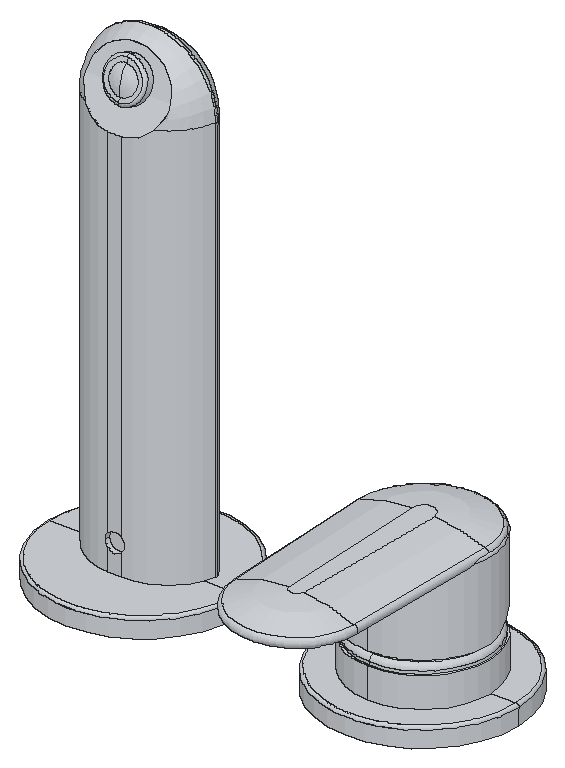
Revit family "Faucet-Wall_Mount-Lavatory-KOHLER-Kumin-K-99450IN_1", category Plumbing Fixtures, host Face, Revit 2017
Family settings
  Host = Face
  Round Connector Dimension = Use Diameter
  Part Type = Normal
  OmniClass Number = 23.31.11.00
  OmniClass Title = Faucets
  Cut with Voids When Loaded = No
  Shared = No
  Room Calculation Point = No
Parameters (values of type "4ND, CP- Polished Chrome")
  Width = 4"  # constant formula
  WaterSense Certified = 1 = 0  # no
  Waste Water Outlet = "Waste Water Outlet"  # constant formula
  Waste Connection = 1 = 0  # no
  Vent Connection = 1 = 0  # no
  URL = "https://www.kohler.co.in/"
  Type = 1
  Spout Reach = 6.53543"  # constant formula
  Product Page URL = ""
  Product Name = "KUMIN"  # constant formula
  Product Documentation Link = ""
  Pressure = 0.00 psi
  Model = if(Type = 1, "K-99450IN-4ND-CP", if(Type = 2, "K-99450IN-B4ND-CP", "NA"))  # "K-99450IN-4ND-CP"
  Material = "Premium Metal Construction"  # constant formula
  Master Format 2014 Name = "Residential Faucets, Supplies, and Trim"  # constant formula
  Master Format 2014 = "22 41 39"  # constant formula
  Manufacturer Address = "Ambience Office Tower NH-8 Gurgaon / Gurugram Haryana , 122001\r\n"  # constant formula
  Manufacturer = "KOHLER Co."  # constant formula
  Length = Spout Reach  # 6.53543"
  Hot Water Inlet = "Hot Water Inlet"  # constant formula
  Height = 4 135/256"  # constant formula
  Handle Clearance = 3 19/128"  # constant formula
  HW Connection = 1 = 1  # yes
  Flow Rate = 0 GPM
  Finish = Kohler-Metal-CP-Polished_Chrome
  Environmental Product Declaration = ""
  Drain Included = 1 = 0  # no
  Description = "Single Control WallMount LAV FAUCET TRIM without DRAIN"  # constant formula
  Default Elevation = 36"
  Declare Label = ""
  Date Modified = "05/20/2021"  # constant formula
  Date Created = "05/20/2021"  # constant formula
  Copyright = "Copyright KOHLER Co."  # constant formula
  Contact Us = "https://www.kohler.co.in/contact-us"
  Cold Water Inlet = "Cold Water Inlet"  # constant formula
  CW Connection = 1 = 1  # yes
  Assembly Code = "D2010"
  ADA Compliant = 1 = 0  # no
Types (3): name | Type | Product Page URL | Model
  (no name) | 1 | "" | "K-99450IN-4ND-CP"
  4ND, CP- Polished Chrome | 1 | "" | "K-99450IN-4ND-CP"
  B4ND, CP- Polished Chrome | 2 | "https://www.kohler.co.in/product-detail/99450in-b4nd?skuid=K-99450IN-B4ND-CP" | "K-99450IN-B4ND-CP"
Reference planes (in)
  plane 1 "Center (Front/Back)": y = 0
  plane 2: z = 0
  plane 3 "Center (Left/Right)": x = 0
  plane 4: x = 4
  plane 5: x = 5.37795
  plane 6: x = 2.62205
  plane 7: x = 1.37795
  plane 8: y = 1.37891
  plane 9: x = -1.37795
  plane 10: y = -1.37795
  plane 11: z = 6.53543
  plane 12: y = -3.14844
  plane 13: z = 2.25302
  plane 14: y = -0.97354
  plane 15: z = 0.27559
  plane 16: y = 0.97354
  plane 17: z = 0.27559
  plane 18: x = 3.21343
  plane 19: x = 4.78657
Dimensions and locks (in)
  equal spacing: plane 6, plane 4, plane 5, locked at 1.37795 each
  "Width": plane 3 "Center (Left/Right)" to plane 4
  "Height": plane 12 to plane 8
  "Handle Clearance": plane 1 "Center (Front/Back)" to plane 12
  "Spout Reach": level to plane 11
  aligned and locked: plane 2 to host face
  aligned and locked: level to host face
  aligned and locked: plane 4 to nested 1
Automatic sketch dimensions
  host sketch curve to host sketch curve = 96"  (x2)
Nested families (in)
  nested 1: "K-99450IN_Handle" at (4, 0, 0), type "K-99450IN_Handle"
  nested 2: "K-99450IN_Spout" at (0, 0, 0), type "K-99450IN_Spout"
Connectors (in)
  piping at (3.21343, 0, 0), diameter 0.5, driven by "HW Connection", driven by "Hot Water Inlet"
    settings: on nested 1, index 1, connector inside diameter 24", connector length 0", flow factor 0, pipe flow 0 GPM, pressure drop 0.00 psi, fitting loss kfactor 0, connector angle 0.00°, fixture units 0, engagement length 0", angle of deflection 0.00°, flow configuration 0, flow direction 1, fitting loss method 0, system type 19, joint type 0, gender type 0, connector reference index -1, connector utility 1, adjustable connector no, is connector primary yes, connector description "Hot Water Inlet"
  piping at (4.78657, 0, 0), diameter 0.5, driven by "CW Connection", driven by "Cold Water Inlet"
    settings: on nested 1, index 2, connector inside diameter 24", connector length 0", flow factor 0, pipe flow 0 GPM, pressure drop 0.00 psi, fitting loss kfactor 0, connector angle 0.00°, fixture units 0, engagement length 0", angle of deflection 0.00°, flow configuration 0, flow direction 1, fitting loss method 0, system type 20, joint type 0, gender type 0, connector reference index -1, connector utility 1, adjustable connector no, is connector primary no, connector description "Cold Water Inlet"
Definition of nested family "K-99450IN_Handle"
  Parameters (values of type "K-99450IN_Handle")
    Material = none
  Reference planes (in)
    plane 1 "Center (Front/Back)": y = 0
    plane 2: z = 0
    plane 3 "Center (Left/Right)": x = 0
    plane 4: y = 1.37795
    plane 5: x = 1.37795
    plane 6: x = -1.37795
    plane 7: y = -1.37795
    plane 8: y = -3.14961
    plane 9: z = 2.25302
    plane 10: y = 0.97354
    plane 11: y = -0.97354
    plane 12: x = -0.78657
    plane 13: x = 0.78657
  Forms (in)
    Revolve 1, solid, material <- "Material", detail levels medium+fine
      sketch origin (0, 0, 0) x (1, 0, 0) y (0, 0, 1)
        loop
          line (0, 0) -> (0, 0.27559) -> (-1.33844, 0.27559)
          arc (-1.33844, 0.27559) -> (-1.36638, 0.26402) -> (-1.37795, 0.23608) r 0.03951
          line (-1.37795, 0.23608) -> (-1.37795, 0) -> (0, 0)
        axis (0, 0) -> (0, 0.27559)
      angle from 0 to 360
    Sweep 2, solid, material <- "Material", detail levels medium+fine
      path origin (0, 0.0123, 0) x (1, 0, 0) y (0, 1, 0)
        loop
          arc (0.94443, -0.01725) -> (0, 0.95207) -> (-0.94443, -0.01725) r 0.94475
          line (-0.94443, -0.01725) -> (-0.88538, -2.28747)
          arc (-0.88538, -2.28747) -> (0, -3.15011) -> (0.88538, -2.28747) r 0.88567
          line (0.88538, -2.28747) -> (0.94443, -0.01725)
      profile origin (0, -3.13781, 0) x (0, -1, 0) y (0, 0, 1)
        loop
          line (-0.78791, 2.25128) -> (-0.78791, 1.93157) -> (-0.27609, 1.93157)
          arc (-0.27609, 1.93157) -> (-0.15768, 1.94322) -> (-0.04383, 1.97773) r 0.60744
          arc (-0.04383, 1.97773) -> (0.0004, 2.04454) -> (-0.04501, 2.11055) r 0.07161
          arc (-0.04501, 2.11055) -> (-0.40986, 2.21579) -> (-0.78791, 2.25128) r 2.03113
    Extrusion 3, solid, material <- "Material", detail levels medium+fine
      sketch origin (0, 0.0123, 0) x (1, 0, 0) y (0, 1, 0)
        loop
          arc (-0.09773, -2.26698) -> (0, -2.3622) -> (0.09773, -2.26698) r 0.09777
          line (0.09773, -2.26698) -> (0.15679, 0.00324)
          arc (0.15679, 0.00324) -> (0, 0.16416) -> (-0.15679, 0.00324) r 0.15684
          line (-0.15679, 0.00324) -> (-0.09773, -2.26698)
      from 1.93157 to 2.25128
    Revolve 4, solid, material <- "Material", detail levels medium+fine
      sketch origin (0, 0, 0) x (0, 1, 0) y (0, 0, 1)
        loop
          line (0, 0.90613) -> (0.97354, 0.90613) -> (0.97354, 2.02443)
          arc (0.97354, 2.02443) -> (0.96201, 2.05226) -> (0.93417, 2.0638) r 0.03937
          line (0.93417, 2.0638) -> (0, 2.0638) -> (0, 0.90613)
        axis (0, 0.90613) -> (0, 2.0638)
      angle from 0 to 360
    Revolve 5, solid, material <- "Material", detail levels medium+fine
      sketch origin (0, 0, 0) x (0, 1, 0) y (0, 0, 1)
        loop
          line (0, 0.27559) -> (0.97426, 0.27559) -> (0.97426, 0.70866) -> (0.94287, 0.70866) -> (0.94287, 0.74866)
          arc (0.94287, 0.74866) -> (0.92113, 0.80264) -> (0.86804, 0.82648) r 0.07788
          arc (0.86804, 0.82648) -> (0.81389, 0.85091) -> (0.79199, 0.90613) r 0.07916
          arc (0.79199, 0.90613) -> (0.7592, 1.11911) -> (0.66118, 1.31102) r 0.67751
          line (0.66118, 1.31102) -> (0, 1.31102) -> (0, 0.27559)
        axis (0, 0.27559) -> (0, 1.31102)
      angle from 0 to 360
    Extrusion 6, void, detail levels medium+fine
      sketch origin (0, 0, 0) x (0, 1, 0) y (0, 0, 1)
        loop
          arc (0.18146, 0.95812) -> (0.06307, 0.91927) -> (-0.06083, 0.90613) r 0.59055
          line (-0.06083, 0.90613) -> (1.17687, 0.90613) -> (1.17687, 1.40593) -> (0.18146, 0.95812)
      from -1.3966 to 1.65193
    Revolve 7, solid, material <- "Material", detail levels coarse
      sketch origin (0, 0, 0) x (0, 1, 0) y (0, 0, 1)
        loop
          line (0, 0) -> (1.37795, 0) -> (1.37795, 0.28452) -> (0.97354, 0.28452) -> (0.97354, 2.25302) -> (0, 2.25302) -> (0, 0)
        axis (0, 0) -> (0, 2.25302)
      angle from 0 to 360
    Extrusion 8, solid, material <- "Material", detail levels coarse
      sketch origin (0, 0, 0) x (0, 1, 0) y (0, 0, 1)
        loop
          line (0, 2.25302) -> (-3.14961, 2.25302) -> (-3.14961, 1.92815) -> (0, 1.92815) -> (0, 2.25302)
      from -0.91159 to 0.90028
    Extrusion 9, solid, material <- "Material", detail levels medium+fine
      sketch origin (0, 0, 0) x (1, 0, 0) y (0, 1, 0)
        loop
          circle (-0.78657, 0) r 0.27559
        loop
          circle (0.78657, 0) r 0.27559
      from 0 to 0.05217
  Cuts and joins
    Extrusion 6 cuts Revolve 4
    joined: Revolve 1, Sweep 2, Extrusion 3, Revolve 4, Revolve 5
    joined: Revolve 7, Extrusion 8
  Lines and regions (in)
    Masking region 1
      outline origin (0, 0, 0) x (0, 1, 0) y (0, 0, 1)
        loop
          line (0, 0) -> (1.37795, 0) -> (1.37795, 0.23612)
          arc (1.37795, 0.23612) -> (1.36642, 0.26396) -> (1.33858, 0.27549) r 0.03937
          line (1.33858, 0.27549) -> (0.97349, 0.27549) -> (0.97349, 0.70866) -> (0.94248, 0.70866) -> (0.94248, 0.75243)
          arc (0.94248, 0.75243) -> (0.92144, 0.80401) -> (0.87033, 0.82615) r 0.07374
          arc (0.87033, 0.82615) -> (0.81662, 0.84976) -> (0.79533, 0.90443) r 0.07665
          arc (0.79533, 0.90443) -> (0.77983, 1.05828) -> (0.72765, 1.20383) r 0.6359
          line (0.72765, 1.20383) -> (0.97354, 1.31445) -> (0.97354, 2.03426)
          arc (0.97354, 2.03426) -> (0.95943, 2.07982) -> (0.92204, 2.10943) r 0.0806
          arc (0.92204, 2.10943) -> (0.5443, 2.21682) -> (0.15327, 2.25302) r 2.12963
          line (0.15327, 2.25302) -> (-2.20421, 2.25302)
          arc (-2.20421, 2.25302) -> (-2.66366, 2.22796) -> (-3.10701, 2.1048) r 2.12963
          arc (-3.10701, 2.1048) -> (-3.14764, 2.04645) -> (-3.10997, 1.98614) r 0.06455
          arc (-3.10997, 1.98614) -> (-2.98769, 1.94537) -> (-2.85953, 1.93157) r 0.60191
          line (-2.85953, 1.93157) -> (-1.17039, 1.93157)
          arc (-1.17039, 1.93157) -> (-1.03119, 1.87391) -> (-0.97354, 1.73472) r 0.19685
          line (-0.97354, 1.73472) -> (-0.97354, 0.92975)
          arc (-0.97354, 0.92975) -> (-0.96662, 0.91305) -> (-0.94992, 0.90613) r 0.02362
          line (-0.94992, 0.90613) -> (-0.79347, 0.90613)
          arc (-0.79347, 0.90613) -> (-0.81411, 0.85038) -> (-0.8684, 0.82615) r 0.07665
          arc (-0.8684, 0.82615) -> (-0.91952, 0.80401) -> (-0.94056, 0.75243) r 0.07374
          line (-0.94056, 0.75243) -> (-0.94056, 0.70866) -> (-0.97349, 0.70866) -> (-0.97349, 0.27549) -> (-1.33858, 0.27549)
          arc (-1.33858, 0.27549) -> (-1.36642, 0.26396) -> (-1.37795, 0.23612) r 0.03937
          line (-1.37795, 0.23612) -> (-1.37795, 0) -> (0, 0)
    Masking region 2
      outline origin (0, 0, 0) x (1, 0, 0) y (0, 0, 1)
        loop
          line (0, 0) -> (1.37795, 0) -> (1.37795, 0.23794)
          arc (1.37795, 0.23794) -> (1.36692, 0.26456) -> (1.3403, 0.27559) r 0.03765
          line (1.3403, 0.27559) -> (0.98425, 0.27559) -> (0.98425, 0.70866) -> (0.94364, 0.70866) -> (0.94364, 0.75119)
          arc (0.94364, 0.75119) -> (0.92236, 0.80323) -> (0.87072, 0.82546) r 0.07428
          arc (0.87072, 0.82546) -> (0.81524, 0.84971) -> (0.79327, 0.90613) r 0.07893
          line (0.79327, 0.90613) -> (0.97317, 0.90613) -> (0.97317, 2.00199)
          arc (0.97317, 2.00199) -> (0.95125, 2.07053) -> (0.89361, 2.11363) r 0.11811
          arc (0.89361, 2.11363) -> (0.45302, 2.22314) -> (0, 2.25302) r 2.55768
          arc (0, 2.25302) -> (-0.45302, 2.22314) -> (-0.89361, 2.11363) r 2.55768
          arc (-0.89361, 2.11363) -> (-0.95125, 2.07053) -> (-0.97317, 2.00199) r 0.11811
          line (-0.97317, 2.00199) -> (-0.97317, 0.90613) -> (-0.79327, 0.90613)
          arc (-0.79327, 0.90613) -> (-0.81524, 0.84971) -> (-0.87072, 0.82546) r 0.07893
          arc (-0.87072, 0.82546) -> (-0.92236, 0.80323) -> (-0.94364, 0.75119) r 0.07428
          line (-0.94364, 0.75119) -> (-0.94364, 0.70866) -> (-0.98425, 0.70866) -> (-0.98425, 0.27559) -> (-1.3403, 0.27559)
          arc (-1.3403, 0.27559) -> (-1.36692, 0.26456) -> (-1.37795, 0.23794) r 0.03765
          line (-1.37795, 0.23794) -> (-1.37795, 0) -> (0, 0)
    Masking region 3
      outline origin (0, 0, 0) x (1, 0, 0) y (0, 1, 0)
        loop
          line (-0.91952, -1.02628) -> (-0.88456, -2.32123)
          arc (-0.88456, -2.32123) -> (-0.61525, -2.92012) -> (0, -3.14961) r 0.85201
          arc (0, -3.14961) -> (0.61525, -2.92012) -> (0.88456, -2.32123) r 0.85201
          line (0.88456, -2.32123) -> (0.91952, -1.02628)
          arc (0.91952, -1.02628) -> (0, 1.37795) -> (-0.91952, -1.02628) r 1.37795
    symbolic lines, detail levels medium+fine
      curve 1: line (0, -0.98425, 0.27559) -> (0, 0.98425, 0.27559)
      curve 2: line (0, 0.94056, 0.70866) -> (0, -0.94364, 0.70866)
      curve 3: line (0, -0.8684, 0.82615) -> (0, 0.8684, 0.82615)
      curve 4: arc (0, 0.18146, 0.95812) -> (0, 0.06307, 0.91927) -> (0, -0.06083, 0.90613) r 0.59055
      curve 5: line (0, 0.18146, 0.95812) -> (0, 0.72609, 1.20314)
      curve 6: line (0, -0.79276, 0.90613) -> (0, -0.06083, 0.90613)
      curve 7: arc (0, -0.97354, 1.73472) -> (0, -0.69965, 1.92915) -> (0, -0.61062, 2.25302) r 0.49995
      curve 8: line (-0.98425, 0, 0.27559) -> (0.98425, 0, 0.27559)
      curve 9: line (-0.94364, 0, 0.70866) -> (0.94364, 0, 0.70866)
      curve 10: line (0.87072, 0, 0.82546) -> (-0.87363, 0, 0.82546)
      curve 11: line (0.79144, 0, 0.90613) -> (-0.79144, 0, 0.90613)
      curve 12: spline (0.79144, 0, 0.90613) -> (0.77722, 0, 0.94599) -> (0.75105, 0, 0.98482) -> (0.71333, 0, 1.02202) -> (0.66464, 0, 1.05701) -> (0.60574, 0, 1.08925) -> (0.53754, 0, 1.11824) -> (0.4611, 0, 1.14353) -> (0.37759, 0, 1.16473) -> (0.28832, 0, 1.18152) -> (0.19465, 0, 1.19362) -> (0.09805, 0, 1.20087) -> (0, 0, 1.20313)
      curve 13: spline (0.95134, 0, 0.96353) -> (0.92822, 0, 1.01008) -> (0.89217, 0, 1.05522) -> (0.84368, 0, 1.09836) -> (0.78338, 0, 1.13891) -> (0.71209, 0, 1.17634) -> (0.63075, 0, 1.21015) -> (0.54046, 0, 1.23989) -> (0.44241, 0, 1.26515) -> (0.33791, 0, 1.28561) -> (0.22836, 0, 1.30099) -> (0.11522, 0, 1.31109) -> (0, 0, 1.31576)
      curve 14: arc (0.95134, 0, 0.96353) -> (0.96397, 0, 0.93548) -> (0.97317, 0, 0.90613) r 0.25868
      curve 15: line (0.89361, 0, 2.11363) -> (-0.89361, 0, 2.11363)
      curve 16: spline (-0.95134, 0, 0.96353) -> (-0.92822, 0, 1.01008) -> (-0.89217, 0, 1.05522) -> (-0.84368, 0, 1.09836) -> (-0.78338, 0, 1.13891) -> (-0.71209, 0, 1.17634) -> (-0.63075, 0, 1.21015) -> (-0.54046, 0, 1.23989) -> (-0.44241, 0, 1.26515) -> (-0.33791, 0, 1.28561) -> (-0.22836, 0, 1.30099) -> (-0.11522, 0, 1.31109) -> (0, 0, 1.31576)
      curve 17: arc (-0.95134, 0, 0.96353) -> (-0.96397, 0, 0.93548) -> (-0.97317, 0, 0.90613) r 0.25868
      curve 18: spline (-0.79144, 0, 0.90613) -> (-0.77722, 0, 0.94599) -> (-0.75105, 0, 0.98482) -> (-0.71333, 0, 1.02202) -> (-0.66464, 0, 1.05701) -> (-0.60574, 0, 1.08925) -> (-0.53754, 0, 1.11824) -> (-0.4611, 0, 1.14353) -> (-0.37759, 0, 1.16473) -> (-0.28832, 0, 1.18152) -> (-0.19465, 0, 1.19362) -> (-0.09805, 0, 1.20087) -> (0, 0, 1.20313)
      curve 19: line (-0.91952, -1.02628, 0) -> (-0.94181, 0.05872, 0)
      curve 20: arc (0, 0.98425, 0) -> (-0.79801, 0.57614, 0) -> (-0.93424, -0.30976, 0) r 0.98425
      curve 21: arc (0, 0.97354, 0) -> (-0.77836, 0.58475, 0) -> (-0.93503, -0.27109, 0) r 0.97354
      curve 22: arc (0, 0.94364, 0) -> (-0.64616, 0.6877, 0) -> (-0.94181, 0.05872, 0) r 0.94364
      curve 23: line (0.91952, -1.02628, 0) -> (0.94181, 0.05872, 0)
      curve 24: arc (0, 0.98425, 0) -> (0.79801, 0.57614, 0) -> (0.93424, -0.30976, 0) r 0.98425
      curve 25: arc (0, 0.97354, 0) -> (0.77836, 0.58475, 0) -> (0.93503, -0.27109, 0) r 0.97354
      curve 26: arc (0, 0.94364, 0) -> (0.64616, 0.6877, 0) -> (0.94181, 0.05872, 0) r 0.94364
  Dimensions and locks (in)
    plane 1 "Center (Front/Back)" to plane 8 = 3.14961"
    plane 9 to level = 2.25302"
    aligned and locked: plane 2 to level
    aligned and locked: plane 12 to Extrusion 9 sketch curve
Definition of nested family "K-99450IN_Spout"
  Parameters (values of type "K-99450IN_Spout")
    Material = none
  Reference planes (in)
    plane 1 "Center (Front/Back)": y = 0
    plane 2: z = 0
    plane 3 "Center (Left/Right)": x = 0
    plane 4: y = 1.37795
    plane 5: x = 1.37795
    plane 6: x = -1.37795
    plane 7: y = -1.37795
    plane 8: z = 6.61417
    plane 9: z = 0.27559
    plane 10: x = -0.92264
    plane 11: x = 0.92264
  Forms (in)
    Revolve 1, solid, material <- "Material", detail levels medium+fine
      sketch origin (0, 0, 0) x (1, 0, 0) y (0, 0, 1)
        loop
          line (0, 0) -> (0, 0.27559) -> (-1.33844, 0.27559)
          arc (-1.33844, 0.27559) -> (-1.36638, 0.26402) -> (-1.37795, 0.23608) r 0.03951
          line (-1.37795, 0.23608) -> (-1.37795, 0) -> (0, 0)
        axis (0, 0) -> (0, 0.27559)
      angle from 0 to 360
    Sweep 2, solid, material <- "Material", detail levels medium+fine
      path origin (0, 0, 0) x (1, 0, 0) y (0, 0, 1)
        loop
          line (-0.9252, 0.27559) -> (-0.9252, 6.10553)
          arc (-0.9252, 6.10553) -> (0, 7.03072) -> (0.9252, 6.10553) r 0.9252
          line (0.9252, 6.10553) -> (0.9252, 0.27559)
      profile origin (0, 0, 7.03072) x (0, 0, 1) y (0, -1, 0)
        loop
          line (-0.86691, 0.50248) -> (-0.86691, -0.6658) -> (-0.80604, -0.6658)
          arc (-0.80604, -0.6658) -> (-0.34302, -0.53866) -> (-0.00985, -0.1929) r 0.90669
          arc (-0.00985, -0.1929) -> (-0.00321, -0.17272) -> (-0.00413, -0.1515) r 0.05906
          arc (-0.00413, -0.1515) -> (-0.29976, 0.31897) -> (-0.82421, 0.50248) r 0.84117
          line (-0.82421, 0.50248) -> (-0.86691, 0.50248)
    Extrusion 3, solid, material <- "Material", detail levels medium+fine
      sketch origin (0, 0, 0) x (1, 0, 0) y (0, 0, 1)
        loop
          line (0.05829, 0.27559) -> (0.05829, 6.10553)
          arc (0.05829, 6.10553) -> (0, 6.16382) -> (-0.05829, 6.10553) r 0.05829
          line (-0.05829, 6.10553) -> (-0.05829, 0.27559) -> (0.05829, 0.27559)
      from -0.6658 to 0.50248
    Extrusion 4, void
      sketch origin (0, 0, 0) x (0, 1, 0) y (0, 0, 1)
        loop
          arc (-0.5488, 5.83989) -> (-0.26833, 6.40436) -> (-0.07581, 7.00456) r 4.18525
          line (-0.07581, 7.00456) -> (-0.74379, 7.00456) -> (-0.74379, 5.83989) -> (-0.5488, 5.83989)
      from -1.15755 to 1.85008
    Revolve 5, solid, material <- "Material", detail levels medium+fine
      sketch origin (0, -0.02461, 0) x (0, 1, 0) y (0, 0, 1)
        loop
          line (-0.37846, 6.56364) -> (-0.104, 6.47973) -> (-0.01385, 6.77458) -> (-0.20349, 6.83256)
          arc (-0.20349, 6.83256) -> (-0.23349, 6.82967) -> (-0.25265, 6.80642) r 0.03937
          line (-0.25265, 6.80642) -> (-0.2726, 6.74119)
          arc (-0.2726, 6.74119) -> (-0.33281, 6.65676) -> (-0.37846, 6.56364) r 0.63419
        axis (-0.37846, 6.56364) -> (-0.104, 6.47973)
      angle from 0 to 360
    Extrusion 6, void
      sketch origin (0, 0, 0) x (1, 0, 0) y (0, 0, 1)
        loop
          circle (0, 0.6815) r 0.1378
      from 0.43307 to 0.69189
    Extrusion 7, solid, material <- "Material", detail levels coarse
      sketch origin (0, 0, 0) x (1, 0, 0) y (0, 1, 0)
        loop
          circle (0, 0) r 1.37795
      from 0 to 0.27559
    Extrusion 8, solid, material <- "Material", detail levels coarse
      sketch origin (0, 0, 0) x (1, 0, 0) y (0, 1, 0)
        loop
          arc (-0.92678, 0.1786) -> (-0.00014, -0.50248) -> (0.92651, 0.1786) r 0.97092
          arc (0.92651, 0.1786) -> (-0.00014, 0.67031) -> (-0.92678, 0.1786) r 1.11901
      from 0.20715 to 7.0418
  Cuts and joins
    Extrusion 4, Extrusion 6 cuts Sweep 2
    Extrusion 4, Extrusion 6 cuts Extrusion 3
    joined: Revolve 1, Sweep 2, Extrusion 3, Revolve 5
    joined: Extrusion 7, Extrusion 8
  Lines and regions (in)
    Masking region 1
      outline origin (0, 0, 0) x (0, 1, 0) y (0, 0, 1)
        loop
          line (0, 0) -> (1.37795, 0) -> (1.37795, 0.23622)
          arc (1.37795, 0.23622) -> (1.36642, 0.26406) -> (1.33858, 0.27559) r 0.03937
          line (1.33858, 0.27559) -> (0.66551, 0.27559) -> (0.66551, 6.20472)
          arc (0.66551, 6.20472) -> (0.54521, 6.67726) -> (0.19727, 7.01889) r 0.90546
          arc (0.19727, 7.01889) -> (0.1734, 7.02686) -> (0.14826, 7.02584) r 0.06979
          arc (0.14826, 7.02584) -> (0.02247, 6.98641) -> (-0.09518, 6.92694) r 0.80316
          line (-0.09518, 6.92694) -> (-0.12958, 6.80244) -> (-0.22832, 6.83262)
          arc (-0.22832, 6.83262) -> (-0.25831, 6.82974) -> (-0.27748, 6.80649) r 0.03937
          line (-0.27748, 6.80649) -> (-0.29755, 6.74081)
          arc (-0.29755, 6.74081) -> (-0.40043, 6.56233) -> (-0.41452, 6.35679) r 0.45728
          line (-0.41452, 6.35679) -> (-0.43401, 6.29303)
          arc (-0.43401, 6.29303) -> (-0.43128, 6.26335) -> (-0.40853, 6.24408) r 0.03937
          line (-0.40853, 6.24408) -> (-0.34658, 6.22395) -> (-0.46781, 5.98741)
          arc (-0.46781, 5.98741) -> (-0.49369, 5.91765) -> (-0.50248, 5.84376) r 0.31496
          line (-0.50248, 5.84376) -> (-0.50248, 0.27559) -> (-1.33858, 0.27559)
          arc (-1.33858, 0.27559) -> (-1.36642, 0.26406) -> (-1.37795, 0.23622) r 0.03937
          line (-1.37795, 0.23622) -> (-1.37795, 0) -> (0, 0)
    Masking region 2
      outline origin (0, 0, 0) x (1, 0, 0) y (0, 0, 1)
        loop
          line (0, 0) -> (1.37795, 0) -> (1.37795, 0.23622)
          arc (1.37795, 0.23622) -> (1.36642, 0.26406) -> (1.33858, 0.27559) r 0.03937
          line (1.33858, 0.27559) -> (0.92254, 0.27559) -> (0.92254, 6.10943)
          arc (0.92254, 6.10943) -> (0.65215, 6.76067) -> (0, 7.02888) r 0.91946
          arc (0, 7.02888) -> (-0.65215, 6.76067) -> (-0.92254, 6.10943) r 0.91946
          line (-0.92254, 6.10943) -> (-0.92254, 0.27559) -> (-1.33858, 0.27559)
          arc (-1.33858, 0.27559) -> (-1.36642, 0.26406) -> (-1.37795, 0.23622) r 0.03937
          line (-1.37795, 0.23622) -> (-1.37795, 0) -> (0, 0)
    Masking region 3
      outline origin (0, 0, 0) x (1, 0, 0) y (0, 1, 0)
        loop
          circle (0, 0) r 1.37795
    symbolic lines, detail levels medium+fine
      curve 1: line (0, -0.12958, 6.80244) -> (0, -0.34658, 6.22395)
      curve 2: line (0, -0.29755, 6.74081) -> (0, -0.41452, 6.35679)
      curve 3: line (0, -0.50248, 0.27559) -> (0, 0.6658, 0.27559)
      curve 4: line (0.91535, 0, 0.27559) -> (-0.92254, 0, 0.27559)
      curve 5: arc (-0.9114, 0.20005, 0) -> (-0.57866, 0.54074, 0) -> (-0.11916, 0.6658, 0) r 0.90669
      curve 6: arc (-0.10098, -0.50248, 0) -> (-0.62222, -0.32152, 0) -> (-0.91919, 0.14349, 0) r 0.84117
      curve 7: line (-0.49674, -0.40356, 0) -> (0.49674, -0.40356, 0)
      curve 8: line (-0.10098, -0.50248, 0) -> (0, -0.50248, 0)
      curve 9: line (-0.11916, 0.6658, 0) -> (0, 0.6658, 0)
      curve 10: line (-0.30808, -0.23705, 0) -> (-0.30808, -0.32062, 0)
      curve 11: arc (-0.30808, -0.32062, 0) -> (-0.30239, -0.34653, 0) -> (-0.28637, -0.36767, 0) r 0.06184
      curve 12: spline (0, -0.41459, 0) -> (-0.05196, -0.41259, 0) -> (-0.10037, -0.40673, 0) -> (-0.14195, -0.3974, 0) -> (-0.17385, -0.38524, 0) -> (-0.19391, -0.37109, 0) -> (-0.20075, -0.3559, 0) -> (-0.19391, -0.34071, 0) -> (-0.17385, -0.32655, 0) -> (-0.14195, -0.31439, 0) -> (-0.10037, -0.30507, 0) -> (-0.05196, -0.2992, 0) -> (0, -0.2972, 0)
      curve 13: spline (0, -0.2972, 0) -> (0.05196, -0.2992, 0) -> (0.10037, -0.30507, 0) -> (0.14195, -0.31439, 0) -> (0.17385, -0.32655, 0) -> (0.19391, -0.34071, 0) -> (0.20075, -0.3559, 0) -> (0.19391, -0.37109, 0) -> (0.17385, -0.38524, 0) -> (0.14195, -0.3974, 0) -> (0.10037, -0.40673, 0) -> (0.05196, -0.41259, 0) -> (0, -0.41459, 0)
      curve 14: arc (-0.28637, -0.36767, 0) -> (-0.14852, -0.42372, 0) -> (0, -0.43307, 0) r 0.4623
      curve 15: arc (-0.30808, -0.23705, 0) -> (-0.29724, -0.20085, 0) -> (-0.26829, -0.17655, 0) r 0.06589
      curve 16: arc (0, -0.12958, 0) -> (-0.07112, -0.13149, 0) -> (-0.1418, -0.1395, 0) r 0.82746
      curve 17: arc (-0.1418, -0.1395, 0) -> (-0.20674, -0.15408, 0) -> (-0.26923, -0.17696, 0) r 0.51163
      curve 18: line (0.30808, -0.23705, 0) -> (0.30808, -0.32062, 0)
      curve 19: arc (0.30808, -0.32062, 0) -> (0.30239, -0.34653, 0) -> (0.28637, -0.36767, 0) r 0.06184
      curve 20: arc (0.28637, -0.36767, 0) -> (0.14852, -0.42372, 0) -> (0, -0.43307, 0) r 0.4623
      curve 21: arc (0.30808, -0.23705, 0) -> (0.29724, -0.20085, 0) -> (0.26829, -0.17655, 0) r 0.06589
      curve 22: arc (0, -0.12958, 0) -> (0.07112, -0.13149, 0) -> (0.1418, -0.1395, 0) r 0.82746
      curve 23: arc (0.1418, -0.1395, 0) -> (0.20625, -0.15393, 0) -> (0.26829, -0.17655, 0) r 0.51163
      curve 24: arc (0.9114, 0.20005, 0) -> (0.57866, 0.54074, 0) -> (0.11916, 0.6658, 0) r 0.90669
      curve 25: arc (0.10098, -0.50248, 0) -> (0.62222, -0.32152, 0) -> (0.91919, 0.14349, 0) r 0.84117
      curve 26: line (0.10098, -0.50248, 0) -> (0, -0.50248, 0)
      curve 27: line (0.11916, 0.6658, 0) -> (0, 0.6658, 0)
      curve 28: arc (-0.91919, 0.14349, 0) -> (-0.92061, 0.1725, 0) -> (-0.9114, 0.20005, 0) r 0.07874
      curve 29: arc (0.91919, 0.14349, 0) -> (0.92061, 0.1725, 0) -> (0.9114, 0.20005, 0) r 0.07874
  Dimensions and locks (in)
    aligned and locked: plane 2 to level
